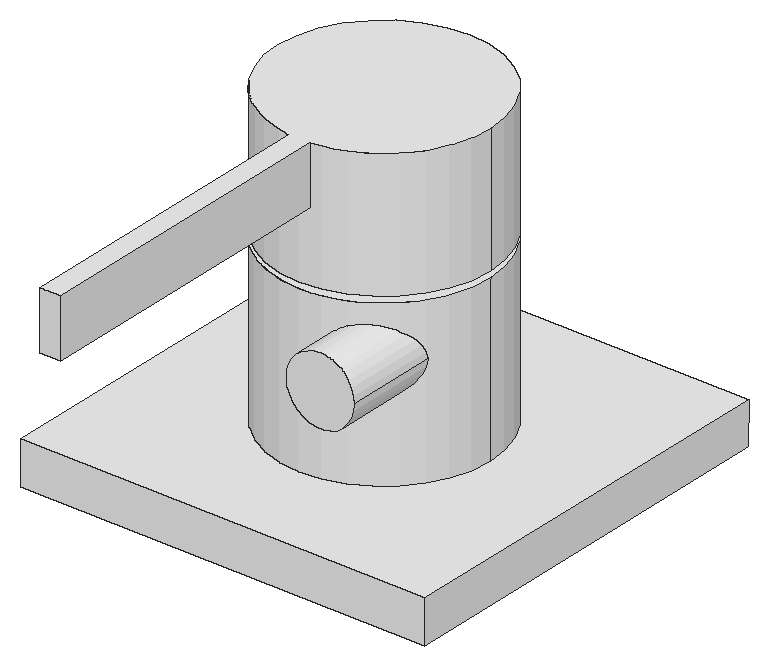
Revit family "KEUCO_59552019502", category Allgemeines Modell, Revit 2016
Family settings
  Teiletyp = Normal
  Kann Basisbauteil für Bewehrung sein = Nein
  Bemaßung runder Anschluss = Durchmesser verwenden
  Arbeitsebenenbasiert = Ja
  Immer vertikal = Nein
  Beim Laden mit Abzugskörper schneiden = Nein
  Gemeinsam genutzt = Nein
  Raumberechnungspunkt = Nein
Parameters
  Verwendung = "DU / WA"  # constant formula
  Preisgruppe = ""
  Kategorie = ""
  Gewicht = 0
  Breite = 45 mm
  URL = "https://www.keuco.com"
  Materialien bei Hersteller anfragen = "Anfrage zu:  objektmanagement@keuco.de"
  Description = "--"
  Default Elevation = 1219.2 mm
  Serie = "Plan"  # constant formula
  Material = Stahl, verchromt
  Hersteller = "KEUCO"  # constant formula
  Assembly Code = ""
  Ausschreibungstext = ""
  Artikelnummer = "59552019502"
Types (2, lengths in mm): name | URL | Materialien bei Hersteller anfragen | Description | Ausschreibungstext
  (no name) | "https://www.keuco.com" | "Anfrage zu:  objektmanagement@keuco.de" | "--" | ""
  59552019502 | "https://www.keuco.com/de/produkte/sortiment/artikel/?pid=59552&oid=4&pgo=19&country=de&lang=de&vid=59552019502" | "Request to:  objektmanagement@keuco.de" | "Mischwasserkartusche mit keramischen Dichtscheiben,\r\nTemperaturbegrenzung und Durchflussbegrenzung,\r\nSchlauchanschluss eigensicher gegen Rückfließen\r\nnach DIN EN 1717\r\nFertigset bestehend aus:\r\nHebel, Gehäuse und Rosette (eckig), passend für\r\nUP Funktionseinheit Art. Nr. 59552 000170" | "KEUCO  IXMO - SOLO Einhebelmischer 59552019502\r\nEinhebelmischer mit integriertem Schlauchanschluss UP DN15\r\nHochglanzverchromter Einhebelmischer mit Schlauchanschluss für die Dusche \r\naus entzinkungsarmen Messing, mit eckiger Rosette, frei positionierbar,\r\nIntegrierter Einbautiefenausgleich von 65-95mm, Gehäuse schallentkoppelt,\r\nHochwertige Mischwasserkartusche mit keramischen Dichtscheiben und Temperaturbegrenzung,\r\nFertigset bestehend aus:\r\nHebel, Hülse, Rosette (eckig) und Funktionseinheit,\r\nGesamthöhe mit Griff 130 mm, Rosettendurchmesser 90 mm,\r\nStärke 10 mm, Gesamtausladung 89 mm\r\npassend für UP-Funktionseinheit Artikel-Nr. 59552000170"
Reference planes
  plane 1 "Center (Front/Back)": y = 0
  plane 2: z = 0
  plane 3 "Center (Left/Right)": x = 0
  plane 4: z = 80
Forms (mm)
  Extrusion 1, solid, material "Stahl, verchromt" <- "Material"
    sketch origin (0, 16.5, 20) x (0, 1, 0) y (-1, 0, 0)
      loop
        line (31, 47.5) -> (-64, 47.5) -> (-64, -47.5) -> (31, -47.5) -> (31, 47.5)
    from -20 to -10
  Extrusion 2, solid, material "Stahl, verchromt" <- "Material"
    sketch origin (0, 16.5, 20) x (0, 1, 0) y (-1, 0, 0)
      loop
        circle (-16.5, 0) r 25
    from -10 to 28.524
  Extrusion 3, solid, material "Stahl, verchromt" <- "Material"
    sketch origin (0, 16.5, 60) x (1, 0, 0) y (0, 1, 0)
      loop
        circle (0, -16.5) r 25
    from -10 to 20
  Extrusion 4, solid, material "Stahl, verchromt" <- "Material"
    sketch origin (0, 16.5, 20) x (0, 1, 0) y (-1, 0, 0)
      loop
        line (-39.628, 2.5) -> (-114.628, 2.5) -> (-114.628, -2.5) -> (-39.628, -2.5) -> (-39.628, 2.5)
    from 46.32 to 60
  Extrusion 5, solid, material "Stahl, verchromt" <- "Material"
    sketch origin (0.067, 0.434, 0) x (1, 0, 0) y (0, 0, 1)
      loop
        circle (12.956, 36) r 8.015
    from 13.274 to 35.444
Cuts and joins
  joined: Extrusion 3, Extrusion 4
  joined: Extrusion 2, Extrusion 5
Dimensions and locks
  plane 4 to plane 2 = 80 mm
  Extrusion 3 to Extrusion 3 = 30 mm
  aligned and locked: level to plane 2
